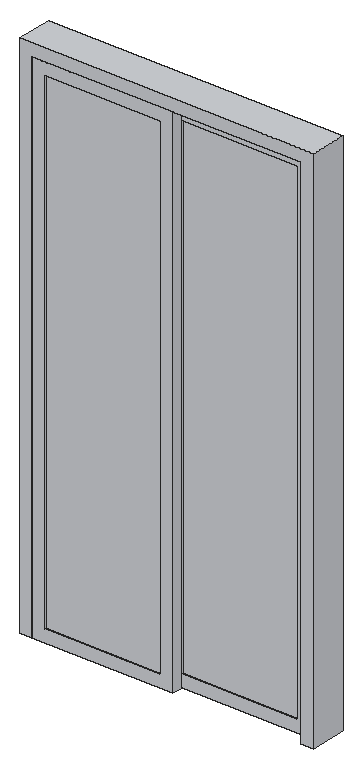
Revit family "Porta veneziana de correr dupla sem revestimento", category Portas, Revit 2019
Family settings
  Hospedeiro = Parede
  Número OmniClass = 23.30.10.00
  Título OmniClass = Doors
  Sempre na vertical = Sim
  Corte com vazios quando carregada = Não
  Compartilhado = Não
  Ponto de cálculo do ambiente = Não
Parameters (values of type "1200 x 2180mm")
  Visual Light Transmittance = 0
  Espessura = Espessura da moldura do painel * 2 + 10 mm  # 90 mm
  Solar Heat Gain Coefficient = 0
  Rough Width = Width  # 1200 mm
  Rough Height = Height  # 2180 mm
  Largura da moldura do painel = 50 mm
  Espessura da moldura do painel = 40 mm
  Material do painel = none
  ID do tipo de construção = ""
  Coeficiente de transferência de calor (U) = 3.7021 W/(m²·K)
  Largura do puxador = 40 mm
  Material do puxador = none
  Altura do puxador = 200 mm
  Função = Exterior
  Largura da estrutura = 50 mm
  Height = 2180 mm
  Fechamento da parede = Por hospedeiro
  Width = 1200 mm
  Material da moldura = none
  Construção analítica = Metal
Types (5, lengths in mm): name | Rough Width | Largura do puxador | Altura do puxador | Width
  (no name) | 1200 | 40 | 200 | 1200
  1200 x 2180mm | 1200 | 40 | 200 | 1200
  1400 x 2180mm | 1400 | 90 | 100 | 1400
  1600 x 2180mm | 1600 | 90 | 100 | 1600
  1800 x 2180mm | 1800 | 90 | 100 | 1800
Reference planes
  plane 1: y = 0
  plane 2 "Centro (Esquerda/Direita)": x = 0
  plane 3 "Esquerda": x = -600
  plane 4 "Direita": x = 600
  plane 5: z = 2180
  plane 6 "Exterior": y = 75
  plane 7 "Interior": y = -75
  plane 8: x = -550
  plane 9: x = -500
  plane 10: x = 500
  plane 11: x = 550
  plane 12: z = 0
  plane 13: z = 2080
  plane 14: z = 50
  plane 15: z = 2130
  plane 16: x = 25
  plane 17: x = -25
  plane 18: z = 1065
  plane 19: x = 262.5
  plane 20: x = -262.5
  plane 21: y = -75
  plane 22: y = -35
  plane 23: y = -30
  plane 24: y = 10
  plane 25: y = -55
  plane 26: y = -10
  plane 27: y = -43
  plane 28: y = -67
  plane 29: y = 2
  plane 30: y = -22
  plane 31: z = 900
  plane 32: z = 1000
  plane 33: z = 800
  plane 34: x = 20
  plane 35: x = -20
  plane 36: z = 838
  plane 37: z = 962
  plane 38: x = 17
  plane 39: x = -17
  plane 40: x = 400
  plane 41: x = 125
  plane 42: through (400, 300, 1065) normal (0.5, 0, 0.866)
  plane 43: through (400, 300, 1065) normal (-0.5, 0, 0.866)
  plane 44: x = -400
  plane 45: x = -125
  plane 46: through (-400, 300, 1065) normal (0.5, 0, -0.866)
  plane 47: through (-400, 300, 1065) normal (-0.5, 0, -0.866)
Forms (mm)
  Sweep 1, solid, material <- "Material da moldura"
    path origin (0, 75, 0) x (1, 0, 0) y (0, 0, 1)
      loop
        line (600, 0) -> (600, 2180) -> (-600, 2180) -> (-600, 0)
    profile origin (600, 75, 1090) x (-1, 0, 0) y (0, -1, 0)
      loop
        line (0, 0) -> (50, 0) -> (50, 150) -> (0, 150) -> (0, 0)
  Sweep 2, solid, material <- "Material da moldura"
    path origin (0, 75, 0) x (-1, 0, 0) y (0, 0, 1)
      loop
        line (-550, 0) -> (25, 0) -> (25, 2130) -> (-550, 2130) -> (-550, 0)
    profile origin (550, 75, 1065) x (-1, 0, 0) y (0, -1, 0)
      loop
        line (0, 105) -> (0, 65) -> (50, 65) -> (50, 105) -> (0, 105)
  Extrusion 3, solid, material <- "Material do painel"
    sketch origin (0, 0, 0) x (-1, 0, 0) y (0, -1, 0)
      loop
        line (500, 43) -> (500, 67) -> (25, 67) -> (25, 43) -> (500, 43)
      loop
        line (-25, -2) -> (-25, 22) -> (-500, 22) -> (-500, -2) -> (-25, -2)
    from 50 to 2080
  Sweep 4, solid, material <- "Material da moldura"
    path origin (0, 75, 50) x (-1, 0, 0) y (0, 0, 1)
      loop
        line (550, -50) -> (550, 2080) -> (-25, 2080) -> (-25, -50) -> (550, -50)
    profile origin (-550, 75, 1065) x (-1, 0, 0) y (0, -1, 0)
      loop
        line (-50, 150) -> (-50, 110) -> (0, 110) -> (0, 150) -> (-50, 150)
  Extrusion 5, solid, material <- "Material do painel", detail levels medium+fine
    sketch origin (-1385, 0, 0) x (-1, 0, 0) y (0, -1, 0)
      loop
        line (-885, 43) -> (-885, 67) -> (-1360, 67) -> (-1360, 43) -> (-885, 43)
      loop
        line (-1410, -2) -> (-1410, 22) -> (-1885, 22) -> (-1885, -2) -> (-1410, -2)
    from 50 to 2080
Lines and regions (mm)
  Opening 1
    outline origin (-3050, -75, 0) x (1, 0, 0) y (0, 0, 1)
      loop
        line (2450, 0) -> (3650, 0) -> (3650, 2180) -> (2450, 2180) -> (2450, 0)
  symbolic lines, style "Giro da elevação"
    curve 1: line (550, 75, 2130) -> (-25, 75, 0)
    curve 2: line (-25, 75, 2130) -> (550, 75, 0)
    curve 3: line (-550, 75, 2130) -> (25, 75, 0)
    curve 4: line (25, 75, 2130) -> (-550, 75, 0)
  symbolic lines, style "Seta"
    curve 5: line (400, 75, 1065) -> (125, 75, 1065)
    curve 6: line (400, 75, 1065) -> (322.058, 75, 1110)
    curve 7: line (400, 75, 1065) -> (322.058, 75, 1020)
    curve 8: line (-400, 75, 1065) -> (-125, 75, 1065)
    curve 9: line (-400, 75, 1065) -> (-322.058, 75, 1110)
    curve 10: line (-400, 75, 1065) -> (-322.058, 75, 1020)
Text (mm)
  text "Externo" at (-2295.016, 1099.543, 0), in view "Nível de referência"
  text "Externo" at (0, 1615.38, 3698.081), in view "Esquerda"
  text "Externo" at (0, 1036.032, 3874.932), in view "Direita"
Dimensions and locks
  equal spacing: plane 3 "Esquerda", plane 2 "Centro (Esquerda/Direita)", plane 4 "Direita"
  "Width": plane 3 "Esquerda" to plane 4 "Direita"
  "Height": host wall to plane 5
  host wall to plane 5 = 2180 mm
  locked: plane 6 "Exterior" to host wall at 0
  locked: plane 7 "Interior" to host wall
  "Largura da estrutura": plane 3 "Esquerda" to plane 8
  "Largura da estrutura": plane 11 to plane 4 "Direita"
  "Largura da moldura do painel": plane 8 to plane 9
  "Largura da moldura do painel": plane 10 to plane 11
  "Largura da estrutura": plane 15 to plane 5
  "Largura da moldura do painel": plane 13 to plane 15
  "Largura da moldura do painel": plane 12 to plane 14
  equal spacing: plane 17, plane 2 "Centro (Esquerda/Direita)", plane 16
  "Largura da moldura do painel": plane 17 to plane 16
  equal spacing: plane 12, plane 18, plane 15
  equal spacing: plane 11, plane 19, plane 17
  equal spacing: plane 8, plane 20, plane 16
  "Espessura da moldura do painel": plane 22 to plane 21
  "Espessura da moldura do painel": plane 24 to plane 23
  equal spacing: plane 24, plane 26, plane 23
  equal spacing: plane 22, plane 25, plane 21
  locked: plane 27 to plane 25 at 12
  locked: plane 25 to plane 28 at 12
  locked: plane 29 to plane 26 at 12
  locked: plane 26 to plane 30 at 12
  locked: plane 12 to plane 31 at 900
  equal spacing: plane 33, plane 31, plane 32
  "Altura do puxador": plane 33 to plane 32
  equal spacing: plane 35, plane 2 "Centro (Esquerda/Direita)", plane 34
  "Largura do puxador": plane 35 to plane 34
  locked: plane 37 to plane 32 at 38
  locked: plane 33 to plane 36 at 38
  locked: plane 38 to plane 34 at 3
  locked: plane 35 to plane 39 at 3
  locked: plane 40 to plane 41 at 275
  equal spacing: plane 40, plane 19, plane 41
  locked: curve 6 to curve 6 at 90
  locked: curve 7 to curve 7 at 90
  locked: plane 44 to plane 45 at 275
  equal spacing: plane 44, plane 20, plane 45
  locked: curve 9 to curve 9 at 90
  locked: curve 10 to curve 10 at 90
  locked: plane 23 to plane 22 at 5
  locked: plane 18 to plane 42 (angle 30.00°)
  locked: plane 43 to plane 18 (angle 30.00°)
  locked: plane 46 to plane 18 (angle 30.00°)
  locked: plane 18 to plane 47 (angle 30.00°)
  aligned and locked: plane 3 "Esquerda" to Opening 1 sketch curve
  aligned and locked: plane 5 to Opening 1 sketch curve  (x2)
  aligned and locked: Opening 1 sketch curve to plane 4 "Direita"
  aligned and locked: Opening 1 sketch curve to level
  aligned and locked: plane 1 to host wall
  aligned and locked: level to plane 12
  aligned and locked: Sweep 1 sketch curve to plane 3 "Esquerda"
  aligned and locked: plane 5 to Sweep 1 sketch curve
  aligned and locked: plane 4 "Direita" to Sweep 1 sketch curve
  aligned and locked: Sweep 1 sketch curve to profile plane
  aligned and locked: Sweep 1 sketch curve to host wall
  aligned and locked: host wall to Sweep 1 sketch curve
  aligned and locked: Sweep 1 sketch curve to plane 11
  aligned and locked: Sweep 4 sketch curve to plane 8
  aligned and locked: Sweep 4 sketch curve to plane 16
  aligned and locked: Sweep 2 sketch curve to plane 11
  aligned and locked: Sweep 2 sketch curve to plane 15
  aligned and locked: Sweep 2 sketch curve to plane 17
  aligned and locked: plane 12 to Sweep 2 sketch curve
  aligned and locked: plane 9 to Extrusion 3 sketch curve
  aligned and locked: plane 17 to Extrusion 3 sketch curve
  aligned and locked: Extrusion 3 sketch curve to plane 16
  aligned and locked: Extrusion 3 sketch curve to plane 10
  aligned and locked: plane 15 to curve 1
  aligned and locked: plane 11 to curve 1
  aligned and locked: plane 17 to curve 2
  aligned and locked: plane 15 to curve 2
  aligned and locked: plane 11 to curve 2
  aligned and locked: plane 12 to curve 2
  aligned and locked: plane 17 to curve 1
  aligned and locked: plane 12 to curve 1
  aligned and locked: plane 15 to curve 3
  aligned and locked: plane 8 to curve 3
  aligned and locked: plane 15 to curve 4
  aligned and locked: plane 12 to curve 4
  aligned and locked: plane 8 to curve 4
  aligned and locked: plane 16 to curve 3
  aligned and locked: plane 12 to curve 3
  aligned and locked: Sweep 4 sketch curve to plane 12
  aligned and locked: plane 15 to Sweep 4 sketch curve
  aligned and locked: plane 21 to Sweep 4 sketch curve
  aligned and locked: Sweep 4 sketch curve to plane 9
  aligned and locked: Sweep 4 sketch curve to plane 22
  aligned and locked: profile plane to Sweep 4 sketch curve
  aligned and locked: plane 23 to Sweep 2 sketch curve
  aligned and locked: Sweep 2 sketch curve to profile plane
  aligned and locked: Sweep 2 sketch curve to plane 24
  aligned and locked: plane 10 to Sweep 2 sketch curve
  aligned and locked: Extrusion 3 sketch curve to plane 27
  aligned and locked: Extrusion 3 sketch curve to plane 28
  aligned and locked: Extrusion 3 sketch curve to plane 29
  aligned and locked: Extrusion 3 sketch curve to plane 30
  aligned and locked: plane 13 to Extrusion 3
  aligned and locked: plane 15 to Sweep 2
  aligned and locked: Sweep 2 to plane 12
  aligned and locked: nested 1 to plane 24
  aligned and locked: plane 2 "Centro (Esquerda/Direita)" to nested 1
  aligned and locked: plane 31 to nested 1
  aligned and locked: curve 6 to plane 42
  aligned and locked: curve 7 to plane 43
  aligned and locked: curve 5 to plane 41
  aligned and locked: curve 9 to plane 46
  aligned and locked: curve 10 to plane 47
  aligned and locked: curve 8 to plane 45
  aligned and locked: plane 21 to plane 7 "Interior"
  aligned and locked: plane 17 to Sweep 4
  aligned and locked: plane 9 to Sweep 4
  aligned and locked: Extrusion 5 sketch curve to plane 10
  aligned and locked: Extrusion 5 sketch curve to plane 29
  aligned and locked: Extrusion 5 sketch curve to plane 30
  aligned and locked: Extrusion 5 sketch curve to plane 16
  aligned and locked: plane 17 to Extrusion 5 sketch curve
  aligned and locked: plane 9 to Extrusion 5 sketch curve
  aligned and locked: Extrusion 5 sketch curve to plane 27
  aligned and locked: Extrusion 5 sketch curve to plane 28
  aligned and locked: plane 13 to Extrusion 5
  aligned and locked: Extrusion 5 to plane 14
Automatic sketch dimensions
  Sweep 1 sketch curve to level = 0 mm  (x2)
  plane 16 to curve 4 = 0 mm
Nested families
  nested 1: "Maçaneta da porta 3" at (0, 10, 900), type "Maçaneta da porta 3", detail levels fine
Definition of nested family "Maçaneta da porta 3"
  Parameters
    Width = 40 mm
    Thickness = 3 mm
    Rough Width = Width  # 40 mm
    Rough Height = Height  # 200 mm
    Height = 200 mm
    Material do puxador = none
  Reference planes
    plane 1 "Centro (Frente/Trás)": y = 0
    plane 2: z = 0
    plane 3 "Centro (Esquerda/Direita)": x = 0
    plane 4: x = -20
    plane 5: x = 20
    plane 6: y = 3
    plane 7: z = 100
    plane 8: z = -100
    plane 9: y = -10
    plane 10: x = 15
    plane 11: x = -15
    plane 12: z = 60
    plane 13: z = -60
    plane 14: z = 85
    plane 15: z = -85
    plane 16: z = 62
    plane 17: x = 17
    plane 18: x = -17
    plane 19: z = -62
    plane 20: y = -8
    plane 21: y = -15
  Forms (mm)
    Extrusion 1, solid, material <- "Material do puxador"
      sketch origin (0, 0, 0) x (1, 0, 0) y (0, 0, 1)
        loop
          line (10, 100) -> (-10, 100)
          arc (-10, 100) -> (-17.071, 97.071) -> (-20, 90) r 10
          line (-20, 90) -> (-20, -90)
          arc (-20, -90) -> (-17.071, -97.071) -> (-10, -100) r 10
          line (-10, -100) -> (10, -100)
          arc (10, -100) -> (17.071, -97.071) -> (20, -90) r 10
          line (20, -90) -> (20, 90)
          arc (20, 90) -> (17.071, 97.071) -> (10, 100) r 10
        loop
          line (10, 60) -> (-10, 60)
          arc (-10, 60) -> (-13.536, 58.536) -> (-15, 55) r 5
          line (-15, 55) -> (-15, -55)
          arc (-15, -55) -> (-13.536, -58.536) -> (-10, -60) r 5
          line (-10, -60) -> (10, -60)
          arc (10, -60) -> (13.536, -58.536) -> (15, -55) r 5
          line (15, -55) -> (15, 55)
          arc (15, 55) -> (13.536, 58.536) -> (10, 60) r 5
        loop
          circle (0, 85) r 5
        loop
          circle (0, -85) r 5
      from -3 to 0
    Extrusion 2, solid, material <- "Material do puxador"
      sketch origin (0, 0, 0) x (1, 0, 0) y (0, 0, 1)
        loop
          arc (-10, 60) -> (-13.536, 58.536) -> (-15, 55) r 5
          line (-15, 55) -> (-15, -55)
          arc (-15, -55) -> (-13.536, -58.536) -> (-10, -60) r 5
          line (-10, -60) -> (10, -60)
          arc (10, -60) -> (13.536, -58.536) -> (15, -55) r 5
          line (15, -55) -> (15, 55)
          arc (15, 55) -> (13.536, 58.536) -> (10, 60) r 5
          line (10, 60) -> (-10, 60)
        loop
          arc (-10, 62) -> (-14.95, 59.95) -> (-17, 55) r 7
          line (-17, 55) -> (-17, -55)
          arc (-17, -55) -> (-14.95, -59.95) -> (-10, -62) r 7
          line (-10, -62) -> (10, -62)
          arc (10, -62) -> (14.95, -59.95) -> (17, -55) r 7
          line (17, -55) -> (17, 55)
          arc (17, 55) -> (14.95, 59.95) -> (10, 62) r 7
          line (10, 62) -> (-10, 62)
      from 0 to 10
    Extrusion 3, solid, material <- "Material do puxador"
      sketch origin (0, 0, 0) x (1, 0, 0) y (0, 0, 1)
        loop
          arc (-10, 60) -> (-13.536, 58.536) -> (-15, 55) r 5
          line (-15, 55) -> (-15, -55)
          arc (-15, -55) -> (-13.536, -58.536) -> (-10, -60) r 5
          line (-10, -60) -> (10, -60)
          arc (10, -60) -> (13.536, -58.536) -> (15, -55) r 5
          line (15, -55) -> (15, 55)
          arc (15, 55) -> (13.536, 58.536) -> (10, 60) r 5
          line (10, 60) -> (-10, 60)
      from 8 to 10
    Extrusion 4, void
      sketch origin (0, 0, 0) x (1, 0, 0) y (0, 0, 1)
        loop
          line (-17, 62) -> (-17, -62) -> (17, -62) -> (17, 62) -> (-17, 62)
      from 0 to 15
  Cuts and joins
    Extrusion 4 cuts Extrusion 1
    Extrusion 4 cuts Extrusion 2
    Extrusion 4 cuts Extrusion 3
    joined: Extrusion 1, Extrusion 2, Extrusion 3
  Dimensions and locks
    equal spacing: plane 4, plane 3 "Centro (Esquerda/Direita)", plane 5
    "Thickness": plane 6 to plane 1 "Centro (Frente/Trás)"
    "Width": plane 4 to plane 5
    equal spacing: plane 7, plane 2, plane 8
    "Height": plane 7 to plane 8
    locked: plane 10 to plane 5 at 5
    locked: plane 4 to plane 11 at 5
    locked: plane 8 to plane 13 at 40
    locked: plane 12 to plane 7 at 40
    locked: plane 14 to plane 7 at 15
    locked: plane 8 to plane 15 at 15
    locked: plane 9 to cut or joined group of Extrusion 1, Extrusion 2, Extrusion 3, Extrusion 4 at 10
    locked: plane 18 to plane 11 at 2
    locked: plane 19 to plane 13 at 2
    locked: plane 12 to plane 16 at 2
    locked: plane 10 to plane 17 at 2
    locked: plane 20 to plane 9 at 2
    locked: plane 9 to plane 21 at 5
    radius of Extrusion 1 sketch curve = 10 mm  (x4)
    radius of Extrusion 1 sketch curve = 5 mm  (x6)
    radius of Extrusion 2 sketch curve = 7 mm  (x4)
    aligned and locked: level to plane 2
    aligned and locked: plane 7 to Extrusion 1 sketch curve
    aligned and locked: plane 5 to Extrusion 1 sketch curve
    aligned and locked: Extrusion 1 sketch curve to plane 8
    aligned and locked: Extrusion 1 sketch curve to plane 4
    aligned and locked: plane 12 to Extrusion 1 sketch curve
    aligned and locked: Extrusion 1 sketch curve to plane 10
    aligned and locked: Extrusion 1 sketch curve to plane 13
    aligned and locked: plane 11 to Extrusion 1 sketch curve
    aligned and locked: plane 6 to Extrusion 1
    aligned and locked: plane 1 "Centro (Frente/Trás)" to Extrusion 1
    aligned and locked: plane 14 to Extrusion 1 sketch curve
    aligned and locked: plane 3 "Centro (Esquerda/Direita)" to Extrusion 1 sketch curve  (x2)
    aligned and locked: plane 15 to Extrusion 1 sketch curve
    aligned and locked: Extrusion 2 sketch curve to Extrusion 1  (x4)
    aligned and locked: Extrusion 2 to plane 1 "Centro (Frente/Trás)"
    aligned and locked: Extrusion 2 to plane 9
    aligned and locked: plane 16 to Extrusion 2 sketch curve
    aligned and locked: Extrusion 2 sketch curve to plane 17
    aligned and locked: plane 19 to Extrusion 2 sketch curve
    aligned and locked: Extrusion 2 sketch curve to plane 18
    aligned and locked: Extrusion 3 sketch curve to cut or joined group of Extrusion 1, Extrusion 2, Extrusion 3, Extrusion 4  (x4)
    aligned and locked: plane 20 to Extrusion 3
    aligned and locked: Extrusion 3 to plane 9
    aligned and locked: Extrusion 4 sketch curve to plane 16
    aligned and locked: plane 18 to Extrusion 4 sketch curve
    aligned and locked: Extrusion 4 sketch curve to plane 19
    aligned and locked: plane 17 to Extrusion 4 sketch curve
    aligned and locked: Extrusion 4 to plane 1 "Centro (Frente/Trás)"
    aligned and locked: Extrusion 4 to plane 21
  Automatic sketch dimensions
    Extrusion 1 sketch curve to plane 4 = 0 mm
    Extrusion 1 sketch curve to plane 5 = 0 mm
